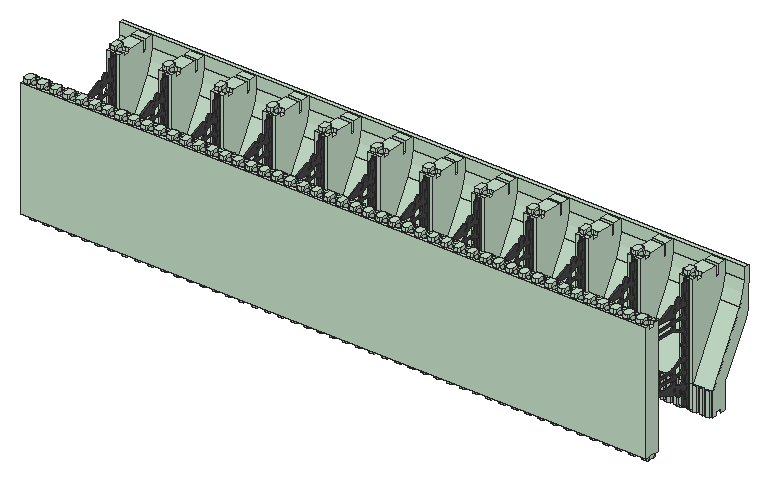
Revit family
Reference planes
  plane 1 "Center (Front/Back)": y = 0
  plane 2: z = 0
  plane 3 "Center (Left/Right)": x = 0
Forms (mm)
  Extrusion 1, solid, material "NUDURA Expanded Polystyrene Foam Insulation"
    sketch origin (0, -101.589, 0) x (1, 0, 0) y (0, 1, 0)
      loop
        line (7.142, -82.55) -> (0, -82.55) -> (0, -142.875) -> (2438.4, -142.875) -> (2438.4, -82.55) -> (2431.258, -82.55) -> (2432.842, -76.2) -> (2418.558, -76.2) -> (2420.142, -82.55) -> (2405.858, -82.55) -> (2407.442, -76.2) -> (2393.158, -76.2) -> (2394.742, -82.55) -> (2380.458, -82.55) -> (2382.042, -76.2) -> (2367.758, -76.2) -> (2369.342, -82.55) -> (2304.258, -82.55) -> (2305.842, -76.2) -> (2291.558, -76.2) -> (2293.142, -82.55) -> (2278.858, -82.55) -> (2280.442, -76.2) -> (2266.158, -76.2) -> (2267.742, -82.55) -> (2253.458, -82.55) -> (2255.042, -76.2) -> (2240.758, -76.2) -> (2242.342, -82.55) -> (2228.058, -82.55) -> (2229.642, -76.2) -> (2215.358, -76.2) -> (2216.942, -82.55) -> (2202.658, -82.55) -> (2204.242, -76.2) -> (2189.958, -76.2) -> (2191.542, -82.55) -> (2177.258, -82.55) -> (2178.842, -76.2) -> (2164.558, -76.2) -> (2166.142, -82.55) -> (2101.058, -82.55) -> (2102.642, -76.2) -> (2088.358, -76.2) -> (2089.942, -82.55) -> (2075.658, -82.55) -> (2077.242, -76.2) -> (2062.958, -76.2) -> (2064.542, -82.55) -> (2050.258, -82.55) -> (2051.842, -76.2) -> (2037.558, -76.2) -> (2039.142, -82.55) -> (2024.858, -82.55) -> (2026.442, -76.2) -> (2012.158, -76.2) -> (2013.742, -82.55) -> (1999.458, -82.55) -> (2001.042, -76.2) -> (1986.758, -76.2) -> (1988.342, -82.55) -> (1974.058, -82.55) -> (1975.642, -76.2) -> (1961.358, -76.2) -> (1962.942, -82.55) -> (1897.858, -82.55) -> (1899.442, -76.2) -> (1885.158, -76.2) -> (1886.742, -82.55) -> (1872.458, -82.55) -> (1874.042, -76.2) -> (1859.758, -76.2) -> (1861.342, -82.55) -> (1847.058, -82.55) -> (1848.642, -76.2) -> (1834.358, -76.2) -> (1835.942, -82.55) -> (1821.658, -82.55) -> (1823.242, -76.2) -> (1808.958, -76.2) -> (1810.542, -82.55) -> (1796.258, -82.55) -> (1797.842, -76.2) -> (1783.558, -76.2) -> (1785.142, -82.55) -> (1770.858, -82.55) -> (1772.442, -76.2) -> (1758.158, -76.2) -> (1759.742, -82.55) -> (1694.658, -82.55) -> (1696.242, -76.2) -> (1681.958, -76.2) -> (1683.542, -82.55) -> (1669.258, -82.55) -> (1670.842, -76.2) -> (1656.558, -76.2) -> (1658.142, -82.55) -> (1643.858, -82.55) -> (1645.442, -76.2) -> (1631.158, -76.2) -> (1632.742, -82.55) -> (1618.458, -82.55) -> (1620.042, -76.2) -> (1605.758, -76.2) -> (1607.342, -82.55) -> (1593.058, -82.55) -> (1594.642, -76.2) -> (1580.358, -76.2) -> (1581.942, -82.55) -> (1567.658, -82.55) -> (1569.242, -76.2) -> (1554.958, -76.2) -> (1556.542, -82.55) -> (1491.458, -82.55) -> (1493.042, -76.2) -> (1478.758, -76.2) -> (1480.342, -82.55) -> (1466.058, -82.55) -> (1467.642, -76.2) -> (1453.358, -76.2) -> (1454.942, -82.55) -> (1440.658, -82.55) -> (1442.242, -76.2) -> (1427.958, -76.2) -> (1429.542, -82.55) -> (1415.258, -82.55) -> (1416.842, -76.2) -> (1402.558, -76.2) -> (1404.142, -82.55) -> (1389.858, -82.55) -> (1391.442, -76.2) -> (1377.158, -76.2) -> (1378.742, -82.55) -> (1364.458, -82.55) -> (1366.042, -76.2) -> (1351.758, -76.2) -> (1353.342, -82.55) -> (1288.258, -82.55) -> (1289.842, -76.2) -> (1275.558, -76.2) -> (1277.142, -82.55) -> (1262.858, -82.55) -> (1264.442, -76.2) -> (1250.158, -76.2) -> (1251.742, -82.55) -> (1237.458, -82.55) -> (1239.042, -76.2) -> (1224.758, -76.2) -> (1226.342, -82.55) -> (1212.058, -82.55) -> (1213.642, -76.2) -> (1199.358, -76.2) -> (1200.942, -82.55) -> (1186.658, -82.55) -> (1188.242, -76.2) -> (1173.958, -76.2) -> (1175.542, -82.55) -> (1161.258, -82.55) -> (1162.842, -76.2) -> (1148.558, -76.2) -> (1150.142, -82.55) -> (1085.058, -82.55) -> (1086.642, -76.2) -> (1072.358, -76.2) -> (1073.942, -82.55) -> (1059.658, -82.55) -> (1061.242, -76.2) -> (1046.958, -76.2) -> (1048.542, -82.55) -> (1034.258, -82.55) -> (1035.842, -76.2) -> (1021.558, -76.2) -> (1023.142, -82.55) -> (1008.858, -82.55) -> (1010.442, -76.2) -> (996.158, -76.2) -> (997.742, -82.55) -> (983.458, -82.55) -> (985.042, -76.2) -> (970.758, -76.2) -> (972.342, -82.55) -> (958.058, -82.55) -> (959.642, -76.2) -> (945.358, -76.2) -> (946.942, -82.55) -> (881.858, -82.55) -> (883.442, -76.2) -> (869.158, -76.2) -> (870.742, -82.55) -> (856.458, -82.55) -> (858.042, -76.2) -> (843.758, -76.2) -> (845.342, -82.55) -> (831.058, -82.55) -> (832.642, -76.2) -> (818.358, -76.2) -> (819.942, -82.55) -> (805.658, -82.55) -> (807.242, -76.2) -> (792.958, -76.2) -> (794.542, -82.55) -> (780.258, -82.55) -> (781.842, -76.2) -> (767.558, -76.2) -> (769.142, -82.55) -> (754.858, -82.55) -> (756.442, -76.2) -> (742.158, -76.2) -> (743.742, -82.55) -> (678.658, -82.55) -> (680.242, -76.2) -> (665.958, -76.2) -> (667.542, -82.55) -> (653.258, -82.55) -> (654.842, -76.2) -> (640.558, -76.2) -> (642.142, -82.55) -> (627.858, -82.55) -> (629.442, -76.2) -> (615.158, -76.2) -> (616.742, -82.55) -> (602.458, -82.55) -> (604.042, -76.2) -> (589.758, -76.2) -> (591.342, -82.55) -> (577.058, -82.55) -> (578.642, -76.2) -> (564.358, -76.2) -> (565.942, -82.55) -> (551.658, -82.55) -> (553.242, -76.2) -> (538.958, -76.2) -> (540.542, -82.55) -> (475.458, -82.55) -> (477.042, -76.2) -> (462.758, -76.2) -> (464.342, -82.55) -> (450.058, -82.55) -> (451.642, -76.2) -> (437.358, -76.2) -> (438.942, -82.55) -> (424.658, -82.55) -> (426.242, -76.2) -> (411.958, -76.2) -> (413.542, -82.55) -> (399.258, -82.55) -> (400.842, -76.2) -> (386.558, -76.2) -> (388.142, -82.55) -> (373.858, -82.55) -> (375.442, -76.2) -> (361.158, -76.2) -> (362.742, -82.55) -> (348.458, -82.55) -> (350.042, -76.2) -> (335.758, -76.2) -> (337.342, -82.55) -> (272.258, -82.55) -> (273.842, -76.2) -> (259.558, -76.2) -> (261.142, -82.55) -> (246.858, -82.55) -> (248.442, -76.2) -> (234.158, -76.2) -> (235.742, -82.55) -> (221.458, -82.55) -> (223.042, -76.2) -> (208.758, -76.2) -> (210.342, -82.55) -> (196.058, -82.55) -> (197.642, -76.2) -> (183.358, -76.2) -> (184.942, -82.55) -> (170.658, -82.55) -> (172.242, -76.2) -> (157.958, -76.2) -> (159.542, -82.55) -> (145.258, -82.55) -> (146.842, -76.2) -> (132.558, -76.2) -> (134.142, -82.55) -> (69.058, -82.55) -> (70.642, -76.2) -> (56.358, -76.2) -> (57.942, -82.55) -> (43.658, -82.55) -> (45.242, -76.2) -> (30.958, -76.2) -> (32.542, -82.55) -> (18.258, -82.55) -> (19.842, -76.2) -> (5.558, -76.2) -> (7.142, -82.55)
    from 0 to 457.2
  Extrusion 2, void
    sketch origin (0, -101.589, 0) x (1, 0, 0) y (0, 1, 0)
      loop
        arc (25.4, -124.411) -> (26.615, -128.147) -> (29.796, -130.453) r 6.35
        arc (29.796, -130.453) -> (38.1, -131.763) -> (46.404, -130.453) r 26.987
        arc (46.404, -130.453) -> (49.585, -128.147) -> (50.8, -124.411) r 6.35
        line (50.8, -124.411) -> (50.8, -101.014)
        arc (50.8, -101.014) -> (50.362, -98.696) -> (49.108, -96.698) r 6.35
        arc (49.108, -96.698) -> (48.795, -96.199) -> (48.685, -95.62) r 1.588
        line (48.685, -95.62) -> (48.685, -86.829) -> (44.346, -86.829) -> (44.346, -92.457)
        arc (44.346, -92.457) -> (43.786, -93.668) -> (42.5, -94.024) r 1.587
        arc (42.5, -94.024) -> (36.091, -93.737) -> (29.796, -94.972) r 26.988
        arc (29.796, -94.972) -> (26.615, -97.278) -> (25.4, -101.014) r 6.35
        line (25.4, -101.014) -> (25.4, -124.411)
    from 457.2 to 444.5
  Extrusion 3, void
    sketch origin (50.8, -101.589, 0) x (1, 0, 0) y (0, 1, 0)
      loop
        arc (25.4, -124.411) -> (26.615, -128.147) -> (29.796, -130.453) r 6.35
        arc (29.796, -130.453) -> (38.1, -131.763) -> (46.404, -130.453) r 26.987
        arc (46.404, -130.453) -> (49.585, -128.147) -> (50.8, -124.411) r 6.35
        line (50.8, -124.411) -> (50.8, -101.014)
        arc (50.8, -101.014) -> (50.362, -98.696) -> (49.108, -96.698) r 6.35
        arc (49.108, -96.698) -> (48.795, -96.199) -> (48.685, -95.62) r 1.588
        line (48.685, -95.62) -> (48.685, -86.829) -> (44.346, -86.829) -> (44.346, -92.457)
        arc (44.346, -92.457) -> (43.786, -93.668) -> (42.5, -94.024) r 1.587
        arc (42.5, -94.024) -> (36.091, -93.737) -> (29.796, -94.972) r 26.988
        arc (29.796, -94.972) -> (26.615, -97.278) -> (25.4, -101.014) r 6.35
        line (25.4, -101.014) -> (25.4, -124.411)
    from 457.2 to 444.5
  Extrusion 4, void
    sketch origin (101.6, -101.589, 0) x (1, 0, 0) y (0, 1, 0)
      loop
        arc (25.4, -124.411) -> (26.615, -128.147) -> (29.796, -130.453) r 6.35
        arc (29.796, -130.453) -> (38.1, -131.763) -> (46.404, -130.453) r 26.987
        arc (46.404, -130.453) -> (49.585, -128.147) -> (50.8, -124.411) r 6.35
        line (50.8, -124.411) -> (50.8, -101.014)
        arc (50.8, -101.014) -> (50.362, -98.696) -> (49.108, -96.698) r 6.35
        arc (49.108, -96.698) -> (48.795, -96.199) -> (48.685, -95.62) r 1.588
        line (48.685, -95.62) -> (48.685, -86.829) -> (44.346, -86.829) -> (44.346, -92.457)
        arc (44.346, -92.457) -> (43.786, -93.668) -> (42.5, -94.024) r 1.587
        arc (42.5, -94.024) -> (36.091, -93.737) -> (29.796, -94.972) r 26.988
        arc (29.796, -94.972) -> (26.615, -97.278) -> (25.4, -101.014) r 6.35
        line (25.4, -101.014) -> (25.4, -124.411)
    from 457.2 to 444.5
  Extrusion 5, void
    sketch origin (152.4, -101.589, 0) x (1, 0, 0) y (0, 1, 0)
      loop
        arc (25.4, -124.411) -> (26.615, -128.147) -> (29.796, -130.453) r 6.35
        arc (29.796, -130.453) -> (38.1, -131.763) -> (46.404, -130.453) r 26.987
        arc (46.404, -130.453) -> (49.585, -128.147) -> (50.8, -124.411) r 6.35
        line (50.8, -124.411) -> (50.8, -101.014)
        arc (50.8, -101.014) -> (50.362, -98.696) -> (49.108, -96.698) r 6.35
        arc (49.108, -96.698) -> (48.795, -96.199) -> (48.685, -95.62) r 1.588
        line (48.685, -95.62) -> (48.685, -86.829) -> (44.346, -86.829) -> (44.346, -92.457)
        arc (44.346, -92.457) -> (43.786, -93.668) -> (42.5, -94.024) r 1.587
        arc (42.5, -94.024) -> (36.091, -93.737) -> (29.796, -94.972) r 26.988
        arc (29.796, -94.972) -> (26.615, -97.278) -> (25.4, -101.014) r 6.35
        line (25.4, -101.014) -> (25.4, -124.411)
    from 457.2 to 444.5
  Extrusion 6, void
    sketch origin (203.2, -101.589, 0) x (1, 0, 0) y (0, 1, 0)
      loop
        arc (25.4, -124.411) -> (26.615, -128.147) -> (29.796, -130.453) r 6.35
        arc (29.796, -130.453) -> (38.1, -131.763) -> (46.404, -130.453) r 26.987
        arc (46.404, -130.453) -> (49.585, -128.147) -> (50.8, -124.411) r 6.35
        line (50.8, -124.411) -> (50.8, -101.014)
        arc (50.8, -101.014) -> (50.362, -98.696) -> (49.108, -96.698) r 6.35
        arc (49.108, -96.698) -> (48.795, -96.199) -> (48.685, -95.62) r 1.588
        line (48.685, -95.62) -> (48.685, -86.829) -> (44.346, -86.829) -> (44.346, -92.457)
        arc (44.346, -92.457) -> (43.786, -93.668) -> (42.5, -94.024) r 1.587
        arc (42.5, -94.024) -> (36.091, -93.737) -> (29.796, -94.972) r 26.988
        arc (29.796, -94.972) -> (26.615, -97.278) -> (25.4, -101.014) r 6.35
        line (25.4, -101.014) -> (25.4, -124.411)
    from 457.2 to 444.5
  Extrusion 7, void
    sketch origin (254, -101.589, 0) x (1, 0, 0) y (0, 1, 0)
      loop
        arc (25.4, -124.411) -> (26.615, -128.147) -> (29.796, -130.453) r 6.35
        arc (29.796, -130.453) -> (38.1, -131.763) -> (46.404, -130.453) r 26.987
        arc (46.404, -130.453) -> (49.585, -128.147) -> (50.8, -124.411) r 6.35
        line (50.8, -124.411) -> (50.8, -101.014)
        arc (50.8, -101.014) -> (50.362, -98.696) -> (49.108, -96.698) r 6.35
        arc (49.108, -96.698) -> (48.795, -96.199) -> (48.685, -95.62) r 1.588
        line (48.685, -95.62) -> (48.685, -86.829) -> (44.346, -86.829) -> (44.346, -92.457)
        arc (44.346, -92.457) -> (43.786, -93.668) -> (42.5, -94.024) r 1.587
        arc (42.5, -94.024) -> (36.091, -93.737) -> (29.796, -94.972) r 26.988
        arc (29.796, -94.972) -> (26.615, -97.278) -> (25.4, -101.014) r 6.35
        line (25.4, -101.014) -> (25.4, -124.411)
    from 457.2 to 444.5
  Extrusion 8, void
    sketch origin (304.8, -101.589, 0) x (1, 0, 0) y (0, 1, 0)
      loop
        arc (25.4, -124.411) -> (26.615, -128.147) -> (29.796, -130.453) r 6.35
        arc (29.796, -130.453) -> (38.1, -131.763) -> (46.404, -130.453) r 26.987
        arc (46.404, -130.453) -> (49.585, -128.147) -> (50.8, -124.411) r 6.35
        line (50.8, -124.411) -> (50.8, -101.014)
        arc (50.8, -101.014) -> (50.362, -98.696) -> (49.108, -96.698) r 6.35
        arc (49.108, -96.698) -> (48.795, -96.199) -> (48.685, -95.62) r 1.588
        line (48.685, -95.62) -> (48.685, -86.829) -> (44.346, -86.829) -> (44.346, -92.457)
        arc (44.346, -92.457) -> (43.786, -93.668) -> (42.5, -94.024) r 1.587
        arc (42.5, -94.024) -> (36.091, -93.737) -> (29.796, -94.972) r 26.988
        arc (29.796, -94.972) -> (26.615, -97.278) -> (25.4, -101.014) r 6.35
        line (25.4, -101.014) -> (25.4, -124.411)
    from 457.2 to 444.5
  Extrusion 9, void
    sketch origin (355.6, -101.589, 0) x (1, 0, 0) y (0, 1, 0)
      loop
        arc (25.4, -124.411) -> (26.615, -128.147) -> (29.796, -130.453) r 6.35
        arc (29.796, -130.453) -> (38.1, -131.763) -> (46.404, -130.453) r 26.987
        arc (46.404, -130.453) -> (49.585, -128.147) -> (50.8, -124.411) r 6.35
        line (50.8, -124.411) -> (50.8, -101.014)
        arc (50.8, -101.014) -> (50.362, -98.696) -> (49.108, -96.698) r 6.35
        arc (49.108, -96.698) -> (48.795, -96.199) -> (48.685, -95.62) r 1.588
        line (48.685, -95.62) -> (48.685, -86.829) -> (44.346, -86.829) -> (44.346, -92.457)
        arc (44.346, -92.457) -> (43.786, -93.668) -> (42.5, -94.024) r 1.587
        arc (42.5, -94.024) -> (36.091, -93.737) -> (29.796, -94.972) r 26.988
        arc (29.796, -94.972) -> (26.615, -97.278) -> (25.4, -101.014) r 6.35
        line (25.4, -101.014) -> (25.4, -124.411)
    from 457.2 to 444.5
  Extrusion 10, void
    sketch origin (406.4, -101.589, 0) x (1, 0, 0) y (0, 1, 0)
      loop
        arc (25.4, -124.411) -> (26.615, -128.147) -> (29.796, -130.453) r 6.35
        arc (29.796, -130.453) -> (38.1, -131.763) -> (46.404, -130.453) r 26.987
        arc (46.404, -130.453) -> (49.585, -128.147) -> (50.8, -124.411) r 6.35
        line (50.8, -124.411) -> (50.8, -101.014)
        arc (50.8, -101.014) -> (50.362, -98.696) -> (49.108, -96.698) r 6.35
        arc (49.108, -96.698) -> (48.795, -96.199) -> (48.685, -95.62) r 1.588
        line (48.685, -95.62) -> (48.685, -86.829) -> (44.346, -86.829) -> (44.346, -92.457)
        arc (44.346, -92.457) -> (43.786, -93.668) -> (42.5, -94.024) r 1.587
        arc (42.5, -94.024) -> (36.091, -93.737) -> (29.796, -94.972) r 26.988
        arc (29.796, -94.972) -> (26.615, -97.278) -> (25.4, -101.014) r 6.35
        line (25.4, -101.014) -> (25.4, -124.411)
    from 457.2 to 444.5
  Extrusion 11, void
    sketch origin (457.2, -101.589, 0) x (1, 0, 0) y (0, 1, 0)
      loop
        arc (25.4, -124.411) -> (26.615, -128.147) -> (29.796, -130.453) r 6.35
        arc (29.796, -130.453) -> (38.1, -131.763) -> (46.404, -130.453) r 26.987
        arc (46.404, -130.453) -> (49.585, -128.147) -> (50.8, -124.411) r 6.35
        line (50.8, -124.411) -> (50.8, -101.014)
        arc (50.8, -101.014) -> (50.362, -98.696) -> (49.108, -96.698) r 6.35
        arc (49.108, -96.698) -> (48.795, -96.199) -> (48.685, -95.62) r 1.588
        line (48.685, -95.62) -> (48.685, -86.829) -> (44.346, -86.829) -> (44.346, -92.457)
        arc (44.346, -92.457) -> (43.786, -93.668) -> (42.5, -94.024) r 1.587
        arc (42.5, -94.024) -> (36.091, -93.737) -> (29.796, -94.972) r 26.988
        arc (29.796, -94.972) -> (26.615, -97.278) -> (25.4, -101.014) r 6.35
        line (25.4, -101.014) -> (25.4, -124.411)
    from 457.2 to 444.5
  Extrusion 12, void
    sketch origin (508, -101.589, 0) x (1, 0, 0) y (0, 1, 0)
      loop
        arc (25.4, -124.411) -> (26.615, -128.147) -> (29.796, -130.453) r 6.35
        arc (29.796, -130.453) -> (38.1, -131.763) -> (46.404, -130.453) r 26.987
        arc (46.404, -130.453) -> (49.585, -128.147) -> (50.8, -124.411) r 6.35
        line (50.8, -124.411) -> (50.8, -101.014)
        arc (50.8, -101.014) -> (50.362, -98.696) -> (49.108, -96.698) r 6.35
        arc (49.108, -96.698) -> (48.795, -96.199) -> (48.685, -95.62) r 1.588
        line (48.685, -95.62) -> (48.685, -86.829) -> (44.346, -86.829) -> (44.346, -92.457)
        arc (44.346, -92.457) -> (43.786, -93.668) -> (42.5, -94.024) r 1.587
        arc (42.5, -94.024) -> (36.091, -93.737) -> (29.796, -94.972) r 26.988
        arc (29.796, -94.972) -> (26.615, -97.278) -> (25.4, -101.014) r 6.35
        line (25.4, -101.014) -> (25.4, -124.411)
    from 457.2 to 444.5
  Extrusion 13, void
    sketch origin (558.8, -101.589, 0) x (1, 0, 0) y (0, 1, 0)
      loop
        arc (25.4, -124.411) -> (26.615, -128.147) -> (29.796, -130.453) r 6.35
        arc (29.796, -130.453) -> (38.1, -131.763) -> (46.404, -130.453) r 26.987
        arc (46.404, -130.453) -> (49.585, -128.147) -> (50.8, -124.411) r 6.35
        line (50.8, -124.411) -> (50.8, -101.014)
        arc (50.8, -101.014) -> (50.362, -98.696) -> (49.108, -96.698) r 6.35
        arc (49.108, -96.698) -> (48.795, -96.199) -> (48.685, -95.62) r 1.588
        line (48.685, -95.62) -> (48.685, -86.829) -> (44.346, -86.829) -> (44.346, -92.457)
        arc (44.346, -92.457) -> (43.786, -93.668) -> (42.5, -94.024) r 1.587
        arc (42.5, -94.024) -> (36.091, -93.737) -> (29.796, -94.972) r 26.988
        arc (29.796, -94.972) -> (26.615, -97.278) -> (25.4, -101.014) r 6.35
        line (25.4, -101.014) -> (25.4, -124.411)
    from 457.2 to 444.5
  Extrusion 14, void
    sketch origin (609.6, -101.589, 0) x (1, 0, 0) y (0, 1, 0)
      loop
        arc (25.4, -124.411) -> (26.615, -128.147) -> (29.796, -130.453) r 6.35
        arc (29.796, -130.453) -> (38.1, -131.763) -> (46.404, -130.453) r 26.987
        arc (46.404, -130.453) -> (49.585, -128.147) -> (50.8, -124.411) r 6.35
        line (50.8, -124.411) -> (50.8, -101.014)
        arc (50.8, -101.014) -> (50.362, -98.696) -> (49.108, -96.698) r 6.35
        arc (49.108, -96.698) -> (48.795, -96.199) -> (48.685, -95.62) r 1.588
        line (48.685, -95.62) -> (48.685, -86.829) -> (44.346, -86.829) -> (44.346, -92.457)
        arc (44.346, -92.457) -> (43.786, -93.668) -> (42.5, -94.024) r 1.587
        arc (42.5, -94.024) -> (36.091, -93.737) -> (29.796, -94.972) r 26.988
        arc (29.796, -94.972) -> (26.615, -97.278) -> (25.4, -101.014) r 6.35
        line (25.4, -101.014) -> (25.4, -124.411)
    from 457.2 to 444.5
  Extrusion 15, void
    sketch origin (660.4, -101.589, 0) x (1, 0, 0) y (0, 1, 0)
      loop
        arc (25.4, -124.411) -> (26.615, -128.147) -> (29.796, -130.453) r 6.35
        arc (29.796, -130.453) -> (38.1, -131.763) -> (46.404, -130.453) r 26.987
        arc (46.404, -130.453) -> (49.585, -128.147) -> (50.8, -124.411) r 6.35
        line (50.8, -124.411) -> (50.8, -101.014)
        arc (50.8, -101.014) -> (50.362, -98.696) -> (49.108, -96.698) r 6.35
        arc (49.108, -96.698) -> (48.795, -96.199) -> (48.685, -95.62) r 1.588
        line (48.685, -95.62) -> (48.685, -86.829) -> (44.346, -86.829) -> (44.346, -92.457)
        arc (44.346, -92.457) -> (43.786, -93.668) -> (42.5, -94.024) r 1.587
        arc (42.5, -94.024) -> (36.091, -93.737) -> (29.796, -94.972) r 26.988
        arc (29.796, -94.972) -> (26.615, -97.278) -> (25.4, -101.014) r 6.35
        line (25.4, -101.014) -> (25.4, -124.411)
    from 457.2 to 444.5
  Extrusion 16, void
    sketch origin (711.2, -101.589, 0) x (1, 0, 0) y (0, 1, 0)
      loop
        arc (25.4, -124.411) -> (26.615, -128.147) -> (29.796, -130.453) r 6.35
        arc (29.796, -130.453) -> (38.1, -131.763) -> (46.404, -130.453) r 26.987
        arc (46.404, -130.453) -> (49.585, -128.147) -> (50.8, -124.411) r 6.35
        line (50.8, -124.411) -> (50.8, -101.014)
        arc (50.8, -101.014) -> (50.362, -98.696) -> (49.108, -96.698) r 6.35
        arc (49.108, -96.698) -> (48.795, -96.199) -> (48.685, -95.62) r 1.588
        line (48.685, -95.62) -> (48.685, -86.829) -> (44.346, -86.829) -> (44.346, -92.457)
        arc (44.346, -92.457) -> (43.786, -93.668) -> (42.5, -94.024) r 1.587
        arc (42.5, -94.024) -> (36.091, -93.737) -> (29.796, -94.972) r 26.988
        arc (29.796, -94.972) -> (26.615, -97.278) -> (25.4, -101.014) r 6.35
        line (25.4, -101.014) -> (25.4, -124.411)
    from 457.2 to 444.5
  Extrusion 17, void
    sketch origin (762, -101.589, 0) x (1, 0, 0) y (0, 1, 0)
      loop
        arc (25.4, -124.411) -> (26.615, -128.147) -> (29.796, -130.453) r 6.35
        arc (29.796, -130.453) -> (38.1, -131.763) -> (46.404, -130.453) r 26.987
        arc (46.404, -130.453) -> (49.585, -128.147) -> (50.8, -124.411) r 6.35
        line (50.8, -124.411) -> (50.8, -101.014)
        arc (50.8, -101.014) -> (50.362, -98.696) -> (49.108, -96.698) r 6.35
        arc (49.108, -96.698) -> (48.795, -96.199) -> (48.685, -95.62) r 1.588
        line (48.685, -95.62) -> (48.685, -86.829) -> (44.346, -86.829) -> (44.346, -92.457)
        arc (44.346, -92.457) -> (43.786, -93.668) -> (42.5, -94.024) r 1.587
        arc (42.5, -94.024) -> (36.091, -93.737) -> (29.796, -94.972) r 26.988
        arc (29.796, -94.972) -> (26.615, -97.278) -> (25.4, -101.014) r 6.35
        line (25.4, -101.014) -> (25.4, -124.411)
    from 457.2 to 444.5
  Extrusion 18, void
    sketch origin (812.8, -101.589, 0) x (1, 0, 0) y (0, 1, 0)
      loop
        arc (25.4, -124.411) -> (26.615, -128.147) -> (29.796, -130.453) r 6.35
        arc (29.796, -130.453) -> (38.1, -131.763) -> (46.404, -130.453) r 26.987
        arc (46.404, -130.453) -> (49.585, -128.147) -> (50.8, -124.411) r 6.35
        line (50.8, -124.411) -> (50.8, -101.014)
        arc (50.8, -101.014) -> (50.362, -98.696) -> (49.108, -96.698) r 6.35
        arc (49.108, -96.698) -> (48.795, -96.199) -> (48.685, -95.62) r 1.588
        line (48.685, -95.62) -> (48.685, -86.829) -> (44.346, -86.829) -> (44.346, -92.457)
        arc (44.346, -92.457) -> (43.786, -93.668) -> (42.5, -94.024) r 1.587
        arc (42.5, -94.024) -> (36.091, -93.737) -> (29.796, -94.972) r 26.988
        arc (29.796, -94.972) -> (26.615, -97.278) -> (25.4, -101.014) r 6.35
        line (25.4, -101.014) -> (25.4, -124.411)
    from 457.2 to 444.5
  Extrusion 19, void
    sketch origin (863.6, -101.589, 0) x (1, 0, 0) y (0, 1, 0)
      loop
        arc (25.4, -124.411) -> (26.615, -128.147) -> (29.796, -130.453) r 6.35
        arc (29.796, -130.453) -> (38.1, -131.763) -> (46.404, -130.453) r 26.987
        arc (46.404, -130.453) -> (49.585, -128.147) -> (50.8, -124.411) r 6.35
        line (50.8, -124.411) -> (50.8, -101.014)
        arc (50.8, -101.014) -> (50.362, -98.696) -> (49.108, -96.698) r 6.35
        arc (49.108, -96.698) -> (48.795, -96.199) -> (48.685, -95.62) r 1.588
        line (48.685, -95.62) -> (48.685, -86.829) -> (44.346, -86.829) -> (44.346, -92.457)
        arc (44.346, -92.457) -> (43.786, -93.668) -> (42.5, -94.024) r 1.587
        arc (42.5, -94.024) -> (36.091, -93.737) -> (29.796, -94.972) r 26.988
        arc (29.796, -94.972) -> (26.615, -97.278) -> (25.4, -101.014) r 6.35
        line (25.4, -101.014) -> (25.4, -124.411)
    from 457.2 to 444.5
  Extrusion 20, void
    sketch origin (914.4, -101.589, 0) x (1, 0, 0) y (0, 1, 0)
      loop
        arc (25.4, -124.411) -> (26.615, -128.147) -> (29.796, -130.453) r 6.35
        arc (29.796, -130.453) -> (38.1, -131.763) -> (46.404, -130.453) r 26.987
        arc (46.404, -130.453) -> (49.585, -128.147) -> (50.8, -124.411) r 6.35
        line (50.8, -124.411) -> (50.8, -101.014)
        arc (50.8, -101.014) -> (50.362, -98.696) -> (49.108, -96.698) r 6.35
        arc (49.108, -96.698) -> (48.795, -96.199) -> (48.685, -95.62) r 1.588
        line (48.685, -95.62) -> (48.685, -86.829) -> (44.346, -86.829) -> (44.346, -92.457)
        arc (44.346, -92.457) -> (43.786, -93.668) -> (42.5, -94.024) r 1.587
        arc (42.5, -94.024) -> (36.091, -93.737) -> (29.796, -94.972) r 26.988
        arc (29.796, -94.972) -> (26.615, -97.278) -> (25.4, -101.014) r 6.35
        line (25.4, -101.014) -> (25.4, -124.411)
    from 457.2 to 444.5
  Extrusion 21, void
    sketch origin (965.2, -101.589, 0) x (1, 0, 0) y (0, 1, 0)
      loop
        arc (25.4, -124.411) -> (26.615, -128.147) -> (29.796, -130.453) r 6.35
        arc (29.796, -130.453) -> (38.1, -131.763) -> (46.404, -130.453) r 26.987
        arc (46.404, -130.453) -> (49.585, -128.147) -> (50.8, -124.411) r 6.35
        line (50.8, -124.411) -> (50.8, -101.014)
        arc (50.8, -101.014) -> (50.362, -98.696) -> (49.108, -96.698) r 6.35
        arc (49.108, -96.698) -> (48.795, -96.199) -> (48.685, -95.62) r 1.588
        line (48.685, -95.62) -> (48.685, -86.829) -> (44.346, -86.829) -> (44.346, -92.457)
        arc (44.346, -92.457) -> (43.786, -93.668) -> (42.5, -94.024) r 1.587
        arc (42.5, -94.024) -> (36.091, -93.737) -> (29.796, -94.972) r 26.988
        arc (29.796, -94.972) -> (26.615, -97.278) -> (25.4, -101.014) r 6.35
        line (25.4, -101.014) -> (25.4, -124.411)
    from 457.2 to 444.5
  Extrusion 22, void
    sketch origin (1016, -101.589, 0) x (1, 0, 0) y (0, 1, 0)
      loop
        arc (25.4, -124.411) -> (26.615, -128.147) -> (29.796, -130.453) r 6.35
        arc (29.796, -130.453) -> (38.1, -131.763) -> (46.404, -130.453) r 26.987
        arc (46.404, -130.453) -> (49.585, -128.147) -> (50.8, -124.411) r 6.35
        line (50.8, -124.411) -> (50.8, -101.014)
        arc (50.8, -101.014) -> (50.362, -98.696) -> (49.108, -96.698) r 6.35
        arc (49.108, -96.698) -> (48.795, -96.199) -> (48.685, -95.62) r 1.588
        line (48.685, -95.62) -> (48.685, -86.829) -> (44.346, -86.829) -> (44.346, -92.457)
        arc (44.346, -92.457) -> (43.786, -93.668) -> (42.5, -94.024) r 1.587
        arc (42.5, -94.024) -> (36.091, -93.737) -> (29.796, -94.972) r 26.988
        arc (29.796, -94.972) -> (26.615, -97.278) -> (25.4, -101.014) r 6.35
        line (25.4, -101.014) -> (25.4, -124.411)
    from 457.2 to 444.5
  Extrusion 23, void
    sketch origin (1066.8, -101.589, 0) x (1, 0, 0) y (0, 1, 0)
      loop
        arc (25.4, -124.411) -> (26.615, -128.147) -> (29.796, -130.453) r 6.35
        arc (29.796, -130.453) -> (38.1, -131.763) -> (46.404, -130.453) r 26.987
        arc (46.404, -130.453) -> (49.585, -128.147) -> (50.8, -124.411) r 6.35
        line (50.8, -124.411) -> (50.8, -101.014)
        arc (50.8, -101.014) -> (50.362, -98.696) -> (49.108, -96.698) r 6.35
        arc (49.108, -96.698) -> (48.795, -96.199) -> (48.685, -95.62) r 1.588
        line (48.685, -95.62) -> (48.685, -86.829) -> (44.346, -86.829) -> (44.346, -92.457)
        arc (44.346, -92.457) -> (43.786, -93.668) -> (42.5, -94.024) r 1.587
        arc (42.5, -94.024) -> (36.091, -93.737) -> (29.796, -94.972) r 26.988
        arc (29.796, -94.972) -> (26.615, -97.278) -> (25.4, -101.014) r 6.35
        line (25.4, -101.014) -> (25.4, -124.411)
    from 457.2 to 444.5
  Extrusion 24, void
    sketch origin (1117.6, -101.589, 0) x (1, 0, 0) y (0, 1, 0)
      loop
        arc (25.4, -124.411) -> (26.615, -128.147) -> (29.796, -130.453) r 6.35
        arc (29.796, -130.453) -> (38.1, -131.763) -> (46.404, -130.453) r 26.987
        arc (46.404, -130.453) -> (49.585, -128.147) -> (50.8, -124.411) r 6.35
        line (50.8, -124.411) -> (50.8, -101.014)
        arc (50.8, -101.014) -> (50.362, -98.696) -> (49.108, -96.698) r 6.35
        arc (49.108, -96.698) -> (48.795, -96.199) -> (48.685, -95.62) r 1.588
        line (48.685, -95.62) -> (48.685, -86.829) -> (44.346, -86.829) -> (44.346, -92.457)
        arc (44.346, -92.457) -> (43.786, -93.668) -> (42.5, -94.024) r 1.587
        arc (42.5, -94.024) -> (36.091, -93.737) -> (29.796, -94.972) r 26.988
        arc (29.796, -94.972) -> (26.615, -97.278) -> (25.4, -101.014) r 6.35
        line (25.4, -101.014) -> (25.4, -124.411)
    from 457.2 to 444.5
  Extrusion 25, void
    sketch origin (1168.4, -101.589, 0) x (1, 0, 0) y (0, 1, 0)
      loop
        arc (25.4, -124.411) -> (26.615, -128.147) -> (29.796, -130.453) r 6.35
        arc (29.796, -130.453) -> (38.1, -131.763) -> (46.404, -130.453) r 26.987
        arc (46.404, -130.453) -> (49.585, -128.147) -> (50.8, -124.411) r 6.35
        line (50.8, -124.411) -> (50.8, -101.014)
        arc (50.8, -101.014) -> (50.362, -98.696) -> (49.108, -96.698) r 6.35
        arc (49.108, -96.698) -> (48.795, -96.199) -> (48.685, -95.62) r 1.588
        line (48.685, -95.62) -> (48.685, -86.829) -> (44.346, -86.829) -> (44.346, -92.457)
        arc (44.346, -92.457) -> (43.786, -93.668) -> (42.5, -94.024) r 1.587
        arc (42.5, -94.024) -> (36.091, -93.737) -> (29.796, -94.972) r 26.988
        arc (29.796, -94.972) -> (26.615, -97.278) -> (25.4, -101.014) r 6.35
        line (25.4, -101.014) -> (25.4, -124.411)
    from 457.2 to 444.5
  Extrusion 26, void
    sketch origin (1219.2, -101.589, 0) x (1, 0, 0) y (0, 1, 0)
      loop
        arc (25.4, -124.411) -> (26.615, -128.147) -> (29.796, -130.453) r 6.35
        arc (29.796, -130.453) -> (38.1, -131.763) -> (46.404, -130.453) r 26.987
        arc (46.404, -130.453) -> (49.585, -128.147) -> (50.8, -124.411) r 6.35
        line (50.8, -124.411) -> (50.8, -101.014)
        arc (50.8, -101.014) -> (50.362, -98.696) -> (49.108, -96.698) r 6.35
        arc (49.108, -96.698) -> (48.795, -96.199) -> (48.685, -95.62) r 1.588
        line (48.685, -95.62) -> (48.685, -86.829) -> (44.346, -86.829) -> (44.346, -92.457)
        arc (44.346, -92.457) -> (43.786, -93.668) -> (42.5, -94.024) r 1.587
        arc (42.5, -94.024) -> (36.091, -93.737) -> (29.796, -94.972) r 26.988
        arc (29.796, -94.972) -> (26.615, -97.278) -> (25.4, -101.014) r 6.35
        line (25.4, -101.014) -> (25.4, -124.411)
    from 457.2 to 444.5
  Extrusion 27, void
    sketch origin (1270, -101.589, 0) x (1, 0, 0) y (0, 1, 0)
      loop
        arc (25.4, -124.411) -> (26.615, -128.147) -> (29.796, -130.453) r 6.35
        arc (29.796, -130.453) -> (38.1, -131.763) -> (46.404, -130.453) r 26.987
        arc (46.404, -130.453) -> (49.585, -128.147) -> (50.8, -124.411) r 6.35
        line (50.8, -124.411) -> (50.8, -101.014)
        arc (50.8, -101.014) -> (50.362, -98.696) -> (49.108, -96.698) r 6.35
        arc (49.108, -96.698) -> (48.795, -96.199) -> (48.685, -95.62) r 1.588
        line (48.685, -95.62) -> (48.685, -86.829) -> (44.346, -86.829) -> (44.346, -92.457)
        arc (44.346, -92.457) -> (43.786, -93.668) -> (42.5, -94.024) r 1.587
        arc (42.5, -94.024) -> (36.091, -93.737) -> (29.796, -94.972) r 26.988
        arc (29.796, -94.972) -> (26.615, -97.278) -> (25.4, -101.014) r 6.35
        line (25.4, -101.014) -> (25.4, -124.411)
    from 457.2 to 444.5
  Extrusion 28, void
    sketch origin (1320.8, -101.589, 0) x (1, 0, 0) y (0, 1, 0)
      loop
        arc (25.4, -124.411) -> (26.615, -128.147) -> (29.796, -130.453) r 6.35
        arc (29.796, -130.453) -> (38.1, -131.763) -> (46.404, -130.453) r 26.987
        arc (46.404, -130.453) -> (49.585, -128.147) -> (50.8, -124.411) r 6.35
        line (50.8, -124.411) -> (50.8, -101.014)
        arc (50.8, -101.014) -> (50.362, -98.696) -> (49.108, -96.698) r 6.35
        arc (49.108, -96.698) -> (48.795, -96.199) -> (48.685, -95.62) r 1.588
        line (48.685, -95.62) -> (48.685, -86.829) -> (44.346, -86.829) -> (44.346, -92.457)
        arc (44.346, -92.457) -> (43.786, -93.668) -> (42.5, -94.024) r 1.587
        arc (42.5, -94.024) -> (36.091, -93.737) -> (29.796, -94.972) r 26.988
        arc (29.796, -94.972) -> (26.615, -97.278) -> (25.4, -101.014) r 6.35
        line (25.4, -101.014) -> (25.4, -124.411)
    from 457.2 to 444.5
  Extrusion 29, void
    sketch origin (1371.6, -101.589, 0) x (1, 0, 0) y (0, 1, 0)
      loop
        arc (25.4, -124.411) -> (26.615, -128.147) -> (29.796, -130.453) r 6.35
        arc (29.796, -130.453) -> (38.1, -131.763) -> (46.404, -130.453) r 26.987
        arc (46.404, -130.453) -> (49.585, -128.147) -> (50.8, -124.411) r 6.35
        line (50.8, -124.411) -> (50.8, -101.014)
        arc (50.8, -101.014) -> (50.362, -98.696) -> (49.108, -96.698) r 6.35
        arc (49.108, -96.698) -> (48.795, -96.199) -> (48.685, -95.62) r 1.588
        line (48.685, -95.62) -> (48.685, -86.829) -> (44.346, -86.829) -> (44.346, -92.457)
        arc (44.346, -92.457) -> (43.786, -93.668) -> (42.5, -94.024) r 1.587
        arc (42.5, -94.024) -> (36.091, -93.737) -> (29.796, -94.972) r 26.988
        arc (29.796, -94.972) -> (26.615, -97.278) -> (25.4, -101.014) r 6.35
        line (25.4, -101.014) -> (25.4, -124.411)
    from 457.2 to 444.5
  Extrusion 30, void
    sketch origin (1422.4, -101.589, 0) x (1, 0, 0) y (0, 1, 0)
      loop
        arc (25.4, -124.411) -> (26.615, -128.147) -> (29.796, -130.453) r 6.35
        arc (29.796, -130.453) -> (38.1, -131.763) -> (46.404, -130.453) r 26.987
        arc (46.404, -130.453) -> (49.585, -128.147) -> (50.8, -124.411) r 6.35
        line (50.8, -124.411) -> (50.8, -101.014)
        arc (50.8, -101.014) -> (50.362, -98.696) -> (49.108, -96.698) r 6.35
        arc (49.108, -96.698) -> (48.795, -96.199) -> (48.685, -95.62) r 1.588
        line (48.685, -95.62) -> (48.685, -86.829) -> (44.346, -86.829) -> (44.346, -92.457)
        arc (44.346, -92.457) -> (43.786, -93.668) -> (42.5, -94.024) r 1.587
        arc (42.5, -94.024) -> (36.091, -93.737) -> (29.796, -94.972) r 26.988
        arc (29.796, -94.972) -> (26.615, -97.278) -> (25.4, -101.014) r 6.35
        line (25.4, -101.014) -> (25.4, -124.411)
    from 457.2 to 444.5
  Extrusion 31, void
    sketch origin (1473.2, -101.589, 0) x (1, 0, 0) y (0, 1, 0)
      loop
        arc (25.4, -124.411) -> (26.615, -128.147) -> (29.796, -130.453) r 6.35
        arc (29.796, -130.453) -> (38.1, -131.763) -> (46.404, -130.453) r 26.987
        arc (46.404, -130.453) -> (49.585, -128.147) -> (50.8, -124.411) r 6.35
        line (50.8, -124.411) -> (50.8, -101.014)
        arc (50.8, -101.014) -> (50.362, -98.696) -> (49.108, -96.698) r 6.35
        arc (49.108, -96.698) -> (48.795, -96.199) -> (48.685, -95.62) r 1.588
        line (48.685, -95.62) -> (48.685, -86.829) -> (44.346, -86.829) -> (44.346, -92.457)
        arc (44.346, -92.457) -> (43.786, -93.668) -> (42.5, -94.024) r 1.587
        arc (42.5, -94.024) -> (36.091, -93.737) -> (29.796, -94.972) r 26.988
        arc (29.796, -94.972) -> (26.615, -97.278) -> (25.4, -101.014) r 6.35
        line (25.4, -101.014) -> (25.4, -124.411)
    from 457.2 to 444.5
  Extrusion 32, void
    sketch origin (1524, -101.589, 0) x (1, 0, 0) y (0, 1, 0)
      loop
        arc (25.4, -124.411) -> (26.615, -128.147) -> (29.796, -130.453) r 6.35
        arc (29.796, -130.453) -> (38.1, -131.763) -> (46.404, -130.453) r 26.987
        arc (46.404, -130.453) -> (49.585, -128.147) -> (50.8, -124.411) r 6.35
        line (50.8, -124.411) -> (50.8, -101.014)
        arc (50.8, -101.014) -> (50.362, -98.696) -> (49.108, -96.698) r 6.35
        arc (49.108, -96.698) -> (48.795, -96.199) -> (48.685, -95.62) r 1.588
        line (48.685, -95.62) -> (48.685, -86.829) -> (44.346, -86.829) -> (44.346, -92.457)
        arc (44.346, -92.457) -> (43.786, -93.668) -> (42.5, -94.024) r 1.587
        arc (42.5, -94.024) -> (36.091, -93.737) -> (29.796, -94.972) r 26.988
        arc (29.796, -94.972) -> (26.615, -97.278) -> (25.4, -101.014) r 6.35
        line (25.4, -101.014) -> (25.4, -124.411)
    from 457.2 to 444.5
  Extrusion 33, void
    sketch origin (1574.8, -101.589, 0) x (1, 0, 0) y (0, 1, 0)
      loop
        arc (25.4, -124.411) -> (26.615, -128.147) -> (29.796, -130.453) r 6.35
        arc (29.796, -130.453) -> (38.1, -131.763) -> (46.404, -130.453) r 26.987
        arc (46.404, -130.453) -> (49.585, -128.147) -> (50.8, -124.411) r 6.35
        line (50.8, -124.411) -> (50.8, -101.014)
        arc (50.8, -101.014) -> (50.362, -98.696) -> (49.108, -96.698) r 6.35
        arc (49.108, -96.698) -> (48.795, -96.199) -> (48.685, -95.62) r 1.588
        line (48.685, -95.62) -> (48.685, -86.829) -> (44.346, -86.829) -> (44.346, -92.457)
        arc (44.346, -92.457) -> (43.786, -93.668) -> (42.5, -94.024) r 1.587
        arc (42.5, -94.024) -> (36.091, -93.737) -> (29.796, -94.972) r 26.988
        arc (29.796, -94.972) -> (26.615, -97.278) -> (25.4, -101.014) r 6.35
        line (25.4, -101.014) -> (25.4, -124.411)
    from 457.2 to 444.5
  Extrusion 34, void
    sketch origin (1625.6, -101.589, 0) x (1, 0, 0) y (0, 1, 0)
      loop
        arc (25.4, -124.411) -> (26.615, -128.147) -> (29.796, -130.453) r 6.35
        arc (29.796, -130.453) -> (38.1, -131.763) -> (46.404, -130.453) r 26.987
        arc (46.404, -130.453) -> (49.585, -128.147) -> (50.8, -124.411) r 6.35
        line (50.8, -124.411) -> (50.8, -101.014)
        arc (50.8, -101.014) -> (50.362, -98.696) -> (49.108, -96.698) r 6.35
        arc (49.108, -96.698) -> (48.795, -96.199) -> (48.685, -95.62) r 1.588
        line (48.685, -95.62) -> (48.685, -86.829) -> (44.346, -86.829) -> (44.346, -92.457)
        arc (44.346, -92.457) -> (43.786, -93.668) -> (42.5, -94.024) r 1.587
        arc (42.5, -94.024) -> (36.091, -93.737) -> (29.796, -94.972) r 26.988
        arc (29.796, -94.972) -> (26.615, -97.278) -> (25.4, -101.014) r 6.35
        line (25.4, -101.014) -> (25.4, -124.411)
    from 457.2 to 444.5
  Extrusion 35, void
    sketch origin (1676.4, -101.589, 0) x (1, 0, 0) y (0, 1, 0)
      loop
        arc (25.4, -124.411) -> (26.615, -128.147) -> (29.796, -130.453) r 6.35
        arc (29.796, -130.453) -> (38.1, -131.763) -> (46.404, -130.453) r 26.987
        arc (46.404, -130.453) -> (49.585, -128.147) -> (50.8, -124.411) r 6.35
        line (50.8, -124.411) -> (50.8, -101.014)
        arc (50.8, -101.014) -> (50.362, -98.696) -> (49.108, -96.698) r 6.35
        arc (49.108, -96.698) -> (48.795, -96.199) -> (48.685, -95.62) r 1.588
        line (48.685, -95.62) -> (48.685, -86.829) -> (44.346, -86.829) -> (44.346, -92.457)
        arc (44.346, -92.457) -> (43.786, -93.668) -> (42.5, -94.024) r 1.587
        arc (42.5, -94.024) -> (36.091, -93.737) -> (29.796, -94.972) r 26.988
        arc (29.796, -94.972) -> (26.615, -97.278) -> (25.4, -101.014) r 6.35
        line (25.4, -101.014) -> (25.4, -124.411)
    from 457.2 to 444.5
  Extrusion 36, void
    sketch origin (1727.2, -101.589, 0) x (1, 0, 0) y (0, 1, 0)
      loop
        arc (25.4, -124.411) -> (26.615, -128.147) -> (29.796, -130.453) r 6.35
        arc (29.796, -130.453) -> (38.1, -131.763) -> (46.404, -130.453) r 26.987
        arc (46.404, -130.453) -> (49.585, -128.147) -> (50.8, -124.411) r 6.35
        line (50.8, -124.411) -> (50.8, -101.014)
        arc (50.8, -101.014) -> (50.362, -98.696) -> (49.108, -96.698) r 6.35
        arc (49.108, -96.698) -> (48.795, -96.199) -> (48.685, -95.62) r 1.588
        line (48.685, -95.62) -> (48.685, -86.829) -> (44.346, -86.829) -> (44.346, -92.457)
        arc (44.346, -92.457) -> (43.786, -93.668) -> (42.5, -94.024) r 1.587
        arc (42.5, -94.024) -> (36.091, -93.737) -> (29.796, -94.972) r 26.988
        arc (29.796, -94.972) -> (26.615, -97.278) -> (25.4, -101.014) r 6.35
        line (25.4, -101.014) -> (25.4, -124.411)
    from 457.2 to 444.5
  Extrusion 37, void
    sketch origin (1778, -101.589, 0) x (1, 0, 0) y (0, 1, 0)
      loop
        arc (25.4, -124.411) -> (26.615, -128.147) -> (29.796, -130.453) r 6.35
        arc (29.796, -130.453) -> (38.1, -131.763) -> (46.404, -130.453) r 26.987
        arc (46.404, -130.453) -> (49.585, -128.147) -> (50.8, -124.411) r 6.35
        line (50.8, -124.411) -> (50.8, -101.014)
        arc (50.8, -101.014) -> (50.362, -98.696) -> (49.108, -96.698) r 6.35
        arc (49.108, -96.698) -> (48.795, -96.199) -> (48.685, -95.62) r 1.588
        line (48.685, -95.62) -> (48.685, -86.829) -> (44.346, -86.829) -> (44.346, -92.457)
        arc (44.346, -92.457) -> (43.786, -93.668) -> (42.5, -94.024) r 1.587
        arc (42.5, -94.024) -> (36.091, -93.737) -> (29.796, -94.972) r 26.988
        arc (29.796, -94.972) -> (26.615, -97.278) -> (25.4, -101.014) r 6.35
        line (25.4, -101.014) -> (25.4, -124.411)
    from 457.2 to 444.5
  Extrusion 38, void
    sketch origin (1828.8, -101.589, 0) x (1, 0, 0) y (0, 1, 0)
      loop
        arc (25.4, -124.411) -> (26.615, -128.147) -> (29.796, -130.453) r 6.35
        arc (29.796, -130.453) -> (38.1, -131.763) -> (46.404, -130.453) r 26.987
        arc (46.404, -130.453) -> (49.585, -128.147) -> (50.8, -124.411) r 6.35
        line (50.8, -124.411) -> (50.8, -101.014)
        arc (50.8, -101.014) -> (50.362, -98.696) -> (49.108, -96.698) r 6.35
        arc (49.108, -96.698) -> (48.795, -96.199) -> (48.685, -95.62) r 1.588
        line (48.685, -95.62) -> (48.685, -86.829) -> (44.346, -86.829) -> (44.346, -92.457)
        arc (44.346, -92.457) -> (43.786, -93.668) -> (42.5, -94.024) r 1.587
        arc (42.5, -94.024) -> (36.091, -93.737) -> (29.796, -94.972) r 26.988
        arc (29.796, -94.972) -> (26.615, -97.278) -> (25.4, -101.014) r 6.35
        line (25.4, -101.014) -> (25.4, -124.411)
    from 457.2 to 444.5
  Extrusion 39, void
    sketch origin (1879.6, -101.589, 0) x (1, 0, 0) y (0, 1, 0)
      loop
        arc (25.4, -124.411) -> (26.615, -128.147) -> (29.796, -130.453) r 6.35
        arc (29.796, -130.453) -> (38.1, -131.763) -> (46.404, -130.453) r 26.987
        arc (46.404, -130.453) -> (49.585, -128.147) -> (50.8, -124.411) r 6.35
        line (50.8, -124.411) -> (50.8, -101.014)
        arc (50.8, -101.014) -> (50.362, -98.696) -> (49.108, -96.698) r 6.35
        arc (49.108, -96.698) -> (48.795, -96.199) -> (48.685, -95.62) r 1.588
        line (48.685, -95.62) -> (48.685, -86.829) -> (44.346, -86.829) -> (44.346, -92.457)
        arc (44.346, -92.457) -> (43.786, -93.668) -> (42.5, -94.024) r 1.587
        arc (42.5, -94.024) -> (36.091, -93.737) -> (29.796, -94.972) r 26.988
        arc (29.796, -94.972) -> (26.615, -97.278) -> (25.4, -101.014) r 6.35
        line (25.4, -101.014) -> (25.4, -124.411)
    from 457.2 to 444.5
  Extrusion 40, void
    sketch origin (1930.4, -101.589, 0) x (1, 0, 0) y (0, 1, 0)
      loop
        arc (25.4, -124.411) -> (26.615, -128.147) -> (29.796, -130.453) r 6.35
        arc (29.796, -130.453) -> (38.1, -131.763) -> (46.404, -130.453) r 26.987
        arc (46.404, -130.453) -> (49.585, -128.147) -> (50.8, -124.411) r 6.35
        line (50.8, -124.411) -> (50.8, -101.014)
        arc (50.8, -101.014) -> (50.362, -98.696) -> (49.108, -96.698) r 6.35
        arc (49.108, -96.698) -> (48.795, -96.199) -> (48.685, -95.62) r 1.588
        line (48.685, -95.62) -> (48.685, -86.829) -> (44.346, -86.829) -> (44.346, -92.457)
        arc (44.346, -92.457) -> (43.786, -93.668) -> (42.5, -94.024) r 1.587
        arc (42.5, -94.024) -> (36.091, -93.737) -> (29.796, -94.972) r 26.988
        arc (29.796, -94.972) -> (26.615, -97.278) -> (25.4, -101.014) r 6.35
        line (25.4, -101.014) -> (25.4, -124.411)
    from 457.2 to 444.5
  Extrusion 41, void
    sketch origin (1981.2, -101.589, 0) x (1, 0, 0) y (0, 1, 0)
      loop
        arc (25.4, -124.411) -> (26.615, -128.147) -> (29.796, -130.453) r 6.35
        arc (29.796, -130.453) -> (38.1, -131.763) -> (46.404, -130.453) r 26.987
        arc (46.404, -130.453) -> (49.585, -128.147) -> (50.8, -124.411) r 6.35
        line (50.8, -124.411) -> (50.8, -101.014)
        arc (50.8, -101.014) -> (50.362, -98.696) -> (49.108, -96.698) r 6.35
        arc (49.108, -96.698) -> (48.795, -96.199) -> (48.685, -95.62) r 1.588
        line (48.685, -95.62) -> (48.685, -86.829) -> (44.346, -86.829) -> (44.346, -92.457)
        arc (44.346, -92.457) -> (43.786, -93.668) -> (42.5, -94.024) r 1.587
        arc (42.5, -94.024) -> (36.091, -93.737) -> (29.796, -94.972) r 26.988
        arc (29.796, -94.972) -> (26.615, -97.278) -> (25.4, -101.014) r 6.35
        line (25.4, -101.014) -> (25.4, -124.411)
    from 457.2 to 444.5
  Extrusion 42, void
    sketch origin (2032, -101.589, 0) x (1, 0, 0) y (0, 1, 0)
      loop
        arc (25.4, -124.411) -> (26.615, -128.147) -> (29.796, -130.453) r 6.35
        arc (29.796, -130.453) -> (38.1, -131.763) -> (46.404, -130.453) r 26.987
        arc (46.404, -130.453) -> (49.585, -128.147) -> (50.8, -124.411) r 6.35
        line (50.8, -124.411) -> (50.8, -101.014)
        arc (50.8, -101.014) -> (50.362, -98.696) -> (49.108, -96.698) r 6.35
        arc (49.108, -96.698) -> (48.795, -96.199) -> (48.685, -95.62) r 1.588
        line (48.685, -95.62) -> (48.685, -86.829) -> (44.346, -86.829) -> (44.346, -92.457)
        arc (44.346, -92.457) -> (43.786, -93.668) -> (42.5, -94.024) r 1.587
        arc (42.5, -94.024) -> (36.091, -93.737) -> (29.796, -94.972) r 26.988
        arc (29.796, -94.972) -> (26.615, -97.278) -> (25.4, -101.014) r 6.35
        line (25.4, -101.014) -> (25.4, -124.411)
    from 457.2 to 444.5
  Extrusion 43, void
    sketch origin (2082.8, -101.589, 0) x (1, 0, 0) y (0, 1, 0)
      loop
        arc (25.4, -124.411) -> (26.615, -128.147) -> (29.796, -130.453) r 6.35
        arc (29.796, -130.453) -> (38.1, -131.763) -> (46.404, -130.453) r 26.987
        arc (46.404, -130.453) -> (49.585, -128.147) -> (50.8, -124.411) r 6.35
        line (50.8, -124.411) -> (50.8, -101.014)
        arc (50.8, -101.014) -> (50.362, -98.696) -> (49.108, -96.698) r 6.35
        arc (49.108, -96.698) -> (48.795, -96.199) -> (48.685, -95.62) r 1.588
        line (48.685, -95.62) -> (48.685, -86.829) -> (44.346, -86.829) -> (44.346, -92.457)
        arc (44.346, -92.457) -> (43.786, -93.668) -> (42.5, -94.024) r 1.587
        arc (42.5, -94.024) -> (36.091, -93.737) -> (29.796, -94.972) r 26.988
        arc (29.796, -94.972) -> (26.615, -97.278) -> (25.4, -101.014) r 6.35
        line (25.4, -101.014) -> (25.4, -124.411)
    from 457.2 to 444.5
  Extrusion 44, void
    sketch origin (2133.6, -101.589, 0) x (1, 0, 0) y (0, 1, 0)
      loop
        arc (25.4, -124.411) -> (26.615, -128.147) -> (29.796, -130.453) r 6.35
        arc (29.796, -130.453) -> (38.1, -131.763) -> (46.404, -130.453) r 26.987
        arc (46.404, -130.453) -> (49.585, -128.147) -> (50.8, -124.411) r 6.35
        line (50.8, -124.411) -> (50.8, -101.014)
        arc (50.8, -101.014) -> (50.362, -98.696) -> (49.108, -96.698) r 6.35
        arc (49.108, -96.698) -> (48.795, -96.199) -> (48.685, -95.62) r 1.588
        line (48.685, -95.62) -> (48.685, -86.829) -> (44.346, -86.829) -> (44.346, -92.457)
        arc (44.346, -92.457) -> (43.786, -93.668) -> (42.5, -94.024) r 1.587
        arc (42.5, -94.024) -> (36.091, -93.737) -> (29.796, -94.972) r 26.988
        arc (29.796, -94.972) -> (26.615, -97.278) -> (25.4, -101.014) r 6.35
        line (25.4, -101.014) -> (25.4, -124.411)
    from 457.2 to 444.5
  Extrusion 45, void
    sketch origin (2184.4, -101.589, 0) x (1, 0, 0) y (0, 1, 0)
      loop
        arc (25.4, -124.411) -> (26.615, -128.147) -> (29.796, -130.453) r 6.35
        arc (29.796, -130.453) -> (38.1, -131.763) -> (46.404, -130.453) r 26.987
        arc (46.404, -130.453) -> (49.585, -128.147) -> (50.8, -124.411) r 6.35
        line (50.8, -124.411) -> (50.8, -101.014)
        arc (50.8, -101.014) -> (50.362, -98.696) -> (49.108, -96.698) r 6.35
        arc (49.108, -96.698) -> (48.795, -96.199) -> (48.685, -95.62) r 1.588
        line (48.685, -95.62) -> (48.685, -86.829) -> (44.346, -86.829) -> (44.346, -92.457)
        arc (44.346, -92.457) -> (43.786, -93.668) -> (42.5, -94.024) r 1.587
        arc (42.5, -94.024) -> (36.091, -93.737) -> (29.796, -94.972) r 26.988
        arc (29.796, -94.972) -> (26.615, -97.278) -> (25.4, -101.014) r 6.35
        line (25.4, -101.014) -> (25.4, -124.411)
    from 457.2 to 444.5
  Extrusion 46, void
    sketch origin (2235.2, -101.589, 0) x (1, 0, 0) y (0, 1, 0)
      loop
        arc (25.4, -124.411) -> (26.615, -128.147) -> (29.796, -130.453) r 6.35
        arc (29.796, -130.453) -> (38.1, -131.763) -> (46.404, -130.453) r 26.987
        arc (46.404, -130.453) -> (49.585, -128.147) -> (50.8, -124.411) r 6.35
        line (50.8, -124.411) -> (50.8, -101.014)
        arc (50.8, -101.014) -> (50.362, -98.696) -> (49.108, -96.698) r 6.35
        arc (49.108, -96.698) -> (48.795, -96.199) -> (48.685, -95.62) r 1.588
        line (48.685, -95.62) -> (48.685, -86.829) -> (44.346, -86.829) -> (44.346, -92.457)
        arc (44.346, -92.457) -> (43.786, -93.668) -> (42.5, -94.024) r 1.587
        arc (42.5, -94.024) -> (36.091, -93.737) -> (29.796, -94.972) r 26.988
        arc (29.796, -94.972) -> (26.615, -97.278) -> (25.4, -101.014) r 6.35
        line (25.4, -101.014) -> (25.4, -124.411)
    from 457.2 to 444.5
  Extrusion 47, void
    sketch origin (2286, -101.589, 0) x (1, 0, 0) y (0, 1, 0)
      loop
        arc (25.4, -124.411) -> (26.615, -128.147) -> (29.796, -130.453) r 6.35
        arc (29.796, -130.453) -> (38.1, -131.763) -> (46.404, -130.453) r 26.987
        arc (46.404, -130.453) -> (49.585, -128.147) -> (50.8, -124.411) r 6.35
        line (50.8, -124.411) -> (50.8, -101.014)
        arc (50.8, -101.014) -> (50.362, -98.696) -> (49.108, -96.698) r 6.35
        arc (49.108, -96.698) -> (48.795, -96.199) -> (48.685, -95.62) r 1.588
        line (48.685, -95.62) -> (48.685, -86.829) -> (44.346, -86.829) -> (44.346, -92.457)
        arc (44.346, -92.457) -> (43.786, -93.668) -> (42.5, -94.024) r 1.587
        arc (42.5, -94.024) -> (36.091, -93.737) -> (29.796, -94.972) r 26.988
        arc (29.796, -94.972) -> (26.615, -97.278) -> (25.4, -101.014) r 6.35
        line (25.4, -101.014) -> (25.4, -124.411)
    from 457.2 to 444.5
  Extrusion 48, void
    sketch origin (2336.8, -101.589, 0) x (1, 0, 0) y (0, 1, 0)
      loop
        arc (25.4, -124.411) -> (26.615, -128.147) -> (29.796, -130.453) r 6.35
        arc (29.796, -130.453) -> (38.1, -131.763) -> (46.404, -130.453) r 26.987
        arc (46.404, -130.453) -> (49.585, -128.147) -> (50.8, -124.411) r 6.35
        line (50.8, -124.411) -> (50.8, -101.014)
        arc (50.8, -101.014) -> (50.362, -98.696) -> (49.108, -96.698) r 6.35
        arc (49.108, -96.698) -> (48.795, -96.199) -> (48.685, -95.62) r 1.588
        line (48.685, -95.62) -> (48.685, -86.829) -> (44.346, -86.829) -> (44.346, -92.457)
        arc (44.346, -92.457) -> (43.786, -93.668) -> (42.5, -94.024) r 1.587
        arc (42.5, -94.024) -> (36.091, -93.737) -> (29.796, -94.972) r 26.988
        arc (29.796, -94.972) -> (26.615, -97.278) -> (25.4, -101.014) r 6.35
        line (25.4, -101.014) -> (25.4, -124.411)
    from 457.2 to 444.5
  Extrusion 49, void
    sketch origin (2387.6, -101.589, 0) x (1, 0, 0) y (0, 1, 0)
      loop
        arc (25.4, -124.411) -> (26.615, -128.147) -> (29.796, -130.453) r 6.35
        arc (29.796, -130.453) -> (38.1, -131.763) -> (46.404, -130.453) r 26.987
        arc (46.404, -130.453) -> (49.585, -128.147) -> (50.8, -124.411) r 6.35
        line (50.8, -124.411) -> (50.8, -101.014)
        arc (50.8, -101.014) -> (50.362, -98.696) -> (49.108, -96.698) r 6.35
        arc (49.108, -96.698) -> (48.795, -96.199) -> (48.685, -95.62) r 1.588
        line (48.685, -95.62) -> (48.685, -86.829) -> (44.346, -86.829) -> (44.346, -92.457)
        arc (44.346, -92.457) -> (43.786, -93.668) -> (42.5, -94.024) r 1.587
        arc (42.5, -94.024) -> (36.091, -93.737) -> (29.796, -94.972) r 26.988
        arc (29.796, -94.972) -> (26.615, -97.278) -> (25.4, -101.014) r 6.35
        line (25.4, -101.014) -> (25.4, -124.411)
    from 457.2 to 444.5
  Extrusion 50, void
    sketch origin (2387.6, 0.011, 0) x (-1, 0, 0) y (0, -1, 0)
      loop
        arc (25.4, -124.411) -> (26.615, -128.147) -> (29.796, -130.453) r 6.35
        arc (29.796, -130.453) -> (38.1, -131.763) -> (46.404, -130.453) r 26.987
        arc (46.404, -130.453) -> (49.585, -128.147) -> (50.8, -124.411) r 6.35
        line (50.8, -124.411) -> (50.8, -101.014)
        arc (50.8, -101.014) -> (50.362, -98.696) -> (49.108, -96.698) r 6.35
        arc (49.108, -96.698) -> (48.795, -96.199) -> (48.685, -95.62) r 1.588
        line (48.685, -95.62) -> (48.685, -86.829) -> (44.346, -86.829) -> (44.346, -92.457)
        arc (44.346, -92.457) -> (43.786, -93.668) -> (42.5, -94.024) r 1.587
        arc (42.5, -94.024) -> (36.091, -93.737) -> (29.796, -94.972) r 26.988
        arc (29.796, -94.972) -> (26.615, -97.278) -> (25.4, -101.014) r 6.35
        line (25.4, -101.014) -> (25.4, -124.411)
    from 457.2 to 444.5
  Extrusion 51, void
    sketch origin (2184.4, 0.011, 0) x (-1, 0, 0) y (0, -1, 0)
      loop
        arc (25.4, -124.411) -> (26.615, -128.147) -> (29.796, -130.453) r 6.35
        arc (29.796, -130.453) -> (38.1, -131.763) -> (46.404, -130.453) r 26.987
        arc (46.404, -130.453) -> (49.585, -128.147) -> (50.8, -124.411) r 6.35
        line (50.8, -124.411) -> (50.8, -101.014)
        arc (50.8, -101.014) -> (50.362, -98.696) -> (49.108, -96.698) r 6.35
        arc (49.108, -96.698) -> (48.795, -96.199) -> (48.685, -95.62) r 1.588
        line (48.685, -95.62) -> (48.685, -86.829) -> (44.346, -86.829) -> (44.346, -92.457)
        arc (44.346, -92.457) -> (43.786, -93.668) -> (42.5, -94.024) r 1.587
        arc (42.5, -94.024) -> (36.091, -93.737) -> (29.796, -94.972) r 26.988
        arc (29.796, -94.972) -> (26.615, -97.278) -> (25.4, -101.014) r 6.35
        line (25.4, -101.014) -> (25.4, -124.411)
    from 457.2 to 444.5
  Extrusion 52, void
    sketch origin (1981.2, 0.011, 0) x (-1, 0, 0) y (0, -1, 0)
      loop
        arc (25.4, -124.411) -> (26.615, -128.147) -> (29.796, -130.453) r 6.35
        arc (29.796, -130.453) -> (38.1, -131.763) -> (46.404, -130.453) r 26.987
        arc (46.404, -130.453) -> (49.585, -128.147) -> (50.8, -124.411) r 6.35
        line (50.8, -124.411) -> (50.8, -101.014)
        arc (50.8, -101.014) -> (50.362, -98.696) -> (49.108, -96.698) r 6.35
        arc (49.108, -96.698) -> (48.795, -96.199) -> (48.685, -95.62) r 1.588
        line (48.685, -95.62) -> (48.685, -86.829) -> (44.346, -86.829) -> (44.346, -92.457)
        arc (44.346, -92.457) -> (43.786, -93.668) -> (42.5, -94.024) r 1.587
        arc (42.5, -94.024) -> (36.091, -93.737) -> (29.796, -94.972) r 26.988
        arc (29.796, -94.972) -> (26.615, -97.278) -> (25.4, -101.014) r 6.35
        line (25.4, -101.014) -> (25.4, -124.411)
    from 457.2 to 444.5
  Extrusion 53, void
    sketch origin (1778, 0.011, 0) x (-1, 0, 0) y (0, -1, 0)
      loop
        arc (25.4, -124.411) -> (26.615, -128.147) -> (29.796, -130.453) r 6.35
        arc (29.796, -130.453) -> (38.1, -131.763) -> (46.404, -130.453) r 26.987
        arc (46.404, -130.453) -> (49.585, -128.147) -> (50.8, -124.411) r 6.35
        line (50.8, -124.411) -> (50.8, -101.014)
        arc (50.8, -101.014) -> (50.362, -98.696) -> (49.108, -96.698) r 6.35
        arc (49.108, -96.698) -> (48.795, -96.199) -> (48.685, -95.62) r 1.588
        line (48.685, -95.62) -> (48.685, -86.829) -> (44.346, -86.829) -> (44.346, -92.457)
        arc (44.346, -92.457) -> (43.786, -93.668) -> (42.5, -94.024) r 1.587
        arc (42.5, -94.024) -> (36.091, -93.737) -> (29.796, -94.972) r 26.988
        arc (29.796, -94.972) -> (26.615, -97.278) -> (25.4, -101.014) r 6.35
        line (25.4, -101.014) -> (25.4, -124.411)
    from 457.2 to 444.5
  Extrusion 54, void
    sketch origin (1574.8, 0.011, 0) x (-1, 0, 0) y (0, -1, 0)
      loop
        arc (25.4, -124.411) -> (26.615, -128.147) -> (29.796, -130.453) r 6.35
        arc (29.796, -130.453) -> (38.1, -131.763) -> (46.404, -130.453) r 26.987
        arc (46.404, -130.453) -> (49.585, -128.147) -> (50.8, -124.411) r 6.35
        line (50.8, -124.411) -> (50.8, -101.014)
